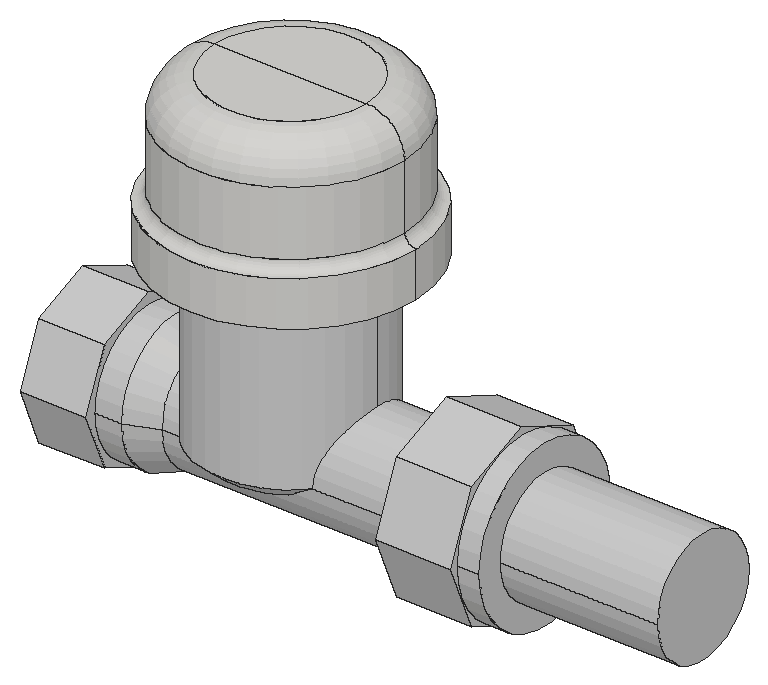
Revit family "PA_Арматура трубопроводов [клапан термостатический прямой, VT.032.N]1 - VALTEC", category Арматура трубопроводов, Revit 2018
Family settings
  Размер круглого соединителя = Использовать диаметр
  Тип детали = Вставляется
  На основе рабочей плоскости = Нет
  Всегда вертикально = Да
  При загрузке вырезать с полостями = Нет
  Общий = Нет
Parameters (values of type "VT.032.N")
  Таблица 2 = "PA_Арматура трубопроводов [клапан термостатический прямой, VT.032.N] - VALTEC - Таблица 2"  # constant formula
  Таблица 1 = "PA_Арматура трубопроводов [клапан термостатический прямой, VT.032.N] - VALTEC - Таблица 1"  # constant formula
  Изготовитель = "VALTEC"  # constant formula
  Головка термостатическая [instance] = Колпачок : Колпачок
  d8 [instance] = size_lookup(Таблица 1, "d8", 0 mm, d)  # 24.3 mm
  d7 [instance] = size_lookup(Таблица 1, "d7", 0 mm, d)  # 23 mm
  a9 [instance] = size_lookup(Таблица 1, "a9", 0 mm, d)  # 3 mm
  a8 [instance] = size_lookup(Таблица 1, "a8", 0 mm, d)  # 10 mm
  a7 [instance] = size_lookup(Таблица 1, "a7", 0 mm, d)  # 0.9 mm
  a6 [instance] = size_lookup(Таблица 1, "a6", 0 mm, d)  # 1.4 mm
  a5 [instance] = size_lookup(Таблица 1, "a5", 0 mm, d)  # 18.3 mm
  a10 [instance] = size_lookup(Таблица 1, "a10", 0 mm, d)  # 7.5 mm
  MM_Геометрия [instance] = if(Головка термостатическая = [1!!!НЕ ИЗМЕНЯТЬ!!!], MM_1!!!НЕ ИЗМЕНЯТЬ!!!, if(Головка термостатическая = [2!!!НЕ ИЗМЕНЯТЬ!!!], MM_2!!!НЕ ИЗМЕНЯТЬ!!!, if(Головка термостатическая = [3!!!НЕ ИЗМЕНЯТЬ!!!], MM_3!!!НЕ ИЗМЕНЯТЬ!!!, if(Головка термостатическая = [4!!!НЕ ИЗМЕНЯТЬ!!!], MM_4!!!НЕ ИЗМЕНЯТЬ!!!, if(Головка термостатическая = [5!!!НЕ ИЗМЕНЯТЬ!!!], MM_4!!!НЕ ИЗМЕНЯТЬ!!!, if(Головка термостатическая = [6!!!НЕ ИЗМЕНЯТЬ!!!], MM_5!!!НЕ ИЗМЕНЯТЬ!!!, if(Головка термостатическая = [7!!!НЕ ИЗМЕНЯТЬ!!!], MM_6!!!НЕ ИЗМЕНЯТЬ!!!, if(Головка термостатическая = [8!!!НЕ ИЗМЕНЯТЬ!!!], MM_6!!!НЕ ИЗМЕНЯТЬ!!!, if(Головка термостатическая = [9!!!НЕ ИЗМЕНЯТЬ!!!], MM_6!!!НЕ ИЗМЕНЯТЬ!!!, if(Головка термостатическая = [10!!!НЕ ИЗМЕНЯТЬ!!!], MM_6!!!НЕ ИЗМЕНЯТЬ!!!, if(Головка термостатическая = [11!!!НЕ ИЗМЕНЯТЬ!!!], MM_7!!!НЕ ИЗМЕНЯТЬ!!!, if(Головка термостатическая = [12!!!НЕ ИЗМЕНЯТЬ!!!], MM_7!!!НЕ ИЗМЕНЯТЬ!!!, if(Головка термостатическая = [13!!!НЕ ИЗМЕНЯТЬ!!!], MM_7!!!НЕ ИЗМЕНЯТЬ!!!, MM_8!!!НЕ ИЗМЕНЯТЬ!!!)))))))))))))  # MM_Обобщенные модели [колпачок, VT.031.N] - VALTEC : VT.TE3042.0
  MM_8!!!НЕ ИЗМЕНЯТЬ!!! = MM_Обобщенные модели [колпачок, VT.031.N] - VALTEC : VT.TE3042.0
  MM_7!!!НЕ ИЗМЕНЯТЬ!!! = MM_Обобщенные модели [сервопривод электрический, VT.TE3042] - VALTEC : VT.TE3042.0
  MM_6!!!НЕ ИЗМЕНЯТЬ!!! = MM_Обобщенные модели [сервопривод электрический, VT.TE3040] - VALTEC : VT.TE3040
  MM_5!!!НЕ ИЗМЕНЯТЬ!!! = MM_Обобщенные модели [cервопривод EQUICALOR, VT.AS1000] - VALTEC : VT.AS1000
  MM_4!!!НЕ ИЗМЕНЯТЬ!!! = MM_Обобщенные модели [головка термостатическая жидкостная, VT.5000.0] - VALTEC : VT.5000.0 - VT.5010.0
  MM_3!!!НЕ ИЗМЕНЯТЬ!!! = MM_Обобщенные модели [головка термостатическая жидкостная, VT.3000.0] - VALTEC : VT.3000.0
  MM_2!!!НЕ ИЗМЕНЯТЬ!!! = MM_Обобщенные модели [головка термостатическая жидкостная, VT.1500.0] - VALTEC : VT.1500.0
  MM_1!!!НЕ ИЗМЕНЯТЬ!!! = MM_Обобщенные модели [головка термостатическая твердотельная, VT.1000.0] - VALTEC : VT.1000.0
  ME_Информация [instance] = if(Головка термостатическая = [1!!!НЕ ИЗМЕНЯТЬ!!!], ME_1!!!НЕ ИЗМЕНЯТЬ!!!, if(Головка термостатическая = [2!!!НЕ ИЗМЕНЯТЬ!!!], ME_2!!!НЕ ИЗМЕНЯТЬ!!!, if(Головка термостатическая = [3!!!НЕ ИЗМЕНЯТЬ!!!], ME_3!!!НЕ ИЗМЕНЯТЬ!!!, if(Головка термостатическая = [4!!!НЕ ИЗМЕНЯТЬ!!!], ME_4!!!НЕ ИЗМЕНЯТЬ!!!, if(Головка термостатическая = [5!!!НЕ ИЗМЕНЯТЬ!!!], ME_5!!!НЕ ИЗМЕНЯТЬ!!!, if(Головка термостатическая = [6!!!НЕ ИЗМЕНЯТЬ!!!], ME_6!!!НЕ ИЗМЕНЯТЬ!!!, if(Головка термостатическая = [7!!!НЕ ИЗМЕНЯТЬ!!!], ME_7!!!НЕ ИЗМЕНЯТЬ!!!, if(Головка термостатическая = [8!!!НЕ ИЗМЕНЯТЬ!!!], ME_8!!!НЕ ИЗМЕНЯТЬ!!!, if(Головка термостатическая = [9!!!НЕ ИЗМЕНЯТЬ!!!], ME_9!!!НЕ ИЗМЕНЯТЬ!!!, if(Головка термостатическая = [10!!!НЕ ИЗМЕНЯТЬ!!!], ME_10!!!НЕ ИЗМЕНЯТЬ!!!, if(Головка термостатическая = [11!!!НЕ ИЗМЕНЯТЬ!!!], ME_11!!!НЕ ИЗМЕНЯТЬ!!!, if(Головка термостатическая = [12!!!НЕ ИЗМЕНЯТЬ!!!], ME_12!!!НЕ ИЗМЕНЯТЬ!!!, if(Головка термостатическая = [13!!!НЕ ИЗМЕНЯТЬ!!!], ME_13!!!НЕ ИЗМЕНЯТЬ!!!, ME_14!!!НЕ ИЗМЕНЯТЬ!!!)))))))))))))  # ME_Оборудование [колпачек] - VALTEC : ME_Оборудование [колпачек] - VALTEC
  ME_9!!!НЕ ИЗМЕНЯТЬ!!! = ME_Оборудование [сервопривод электрический, VT.TE3041.0.024] - VALTEC : ME_Оборудование [сервопривод электрический, VT.TE3041.0.024] - VALTEC
  ME_8!!!НЕ ИЗМЕНЯТЬ!!! = ME_Оборудование [сервопривод электрический, VT.TE3040.A.220] - VALTEC : ME_Оборудование [сервопривод электрический, VT.TE3040.A.220] - VALTEC
  ME_7!!!НЕ ИЗМЕНЯТЬ!!! = ME_Оборудование [сервопривод электрический, VT.TE3040.0.220] - VALTEC : ME_Оборудование [сервопривод электрический, VT.TE3040.0.220] - VALTEC
  ME_6!!!НЕ ИЗМЕНЯТЬ!!! = ME_Оборудование [cервопривод EQUICALOR, VT.AS1000] - VALTEC : ME_Оборудование [cервопривод EQUICALOR, VT.AS1000] - VALTEC
  ME_5!!!НЕ ИЗМЕНЯТЬ!!! = ME_Оборудование [головка термостатическая жидкостная, VT.5010.0] - VALTEC : ME_Оборудование [головка термостатическая жидкостная, VT.5010.0] - VALTEC
  ME_4!!!НЕ ИЗМЕНЯТЬ!!! = ME_Оборудование [головка термостатическая жидкостная, VT.5000.0] - VALTEC : ME_Оборудование [головка термостатическая жидкостная, VT.5000.0] - VALTEC
  ME_3!!!НЕ ИЗМЕНЯТЬ!!! = ME_Оборудование [головка термостатическая жидкостная, VT.3000.0] - VALTEC : ME_Оборудование [головка термостатическая жидкостная, VT.3000.0] - VALTEC
  ME_2!!!НЕ ИЗМЕНЯТЬ!!! = ME_Оборудование [головка термостатическая жидкостная, VT.1500.0] - VALTEC : ME_Оборудование [головка термостатическая жидкостная, VT.1500.0] - VALTEC
  ME_14!!!НЕ ИЗМЕНЯТЬ!!! = ME_Оборудование [колпачек] - VALTEC : ME_Оборудование [колпачек] - VALTEC
  ME_13!!!НЕ ИЗМЕНЯТЬ!!! = ME_Оборудование [сервопривод электрический, VT.TE3042.A.220] - VALTEC : ME_Оборудование [сервопривод электрический, VT.TE3042.A.220] - VALTEC
  ME_12!!!НЕ ИЗМЕНЯТЬ!!! = ME_Оборудование [сервопривод электрический, VT.TE3042.0.220] - VALTEC : ME_Оборудование [сервопривод электрический, VT.TE3042.0.220] - VALTEC
  ME_11!!!НЕ ИЗМЕНЯТЬ!!! = ME_Оборудование [сервопривод электрический, VT.TE3042.0.024] - VALTEC : ME_Оборудование [сервопривод электрический, VT.TE3042.0.024] - VALTEC
  ME_10!!!НЕ ИЗМЕНЯТЬ!!! = ME_Оборудование [сервопривод электрический, VT.TE3041.A.024] - VALTEC : ME_Оборудование [сервопривод электрический, VT.TE3041.A.024] - VALTEC
  ME_1!!!НЕ ИЗМЕНЯТЬ!!! = ME_Оборудование [головка термостатическая твердотельная, VT.1000.0] - VALTEC : ME_Оборудование [головка термостатическая твердотельная, VT.1000.0] - VALTEC
  B [instance] = size_lookup(Таблица 1, "B", 0 mm, d)  # 43.6 mm
  b2 [instance] = size_lookup(Таблица 1, "b2", 0 mm, d)  # 2.1 mm
  d6 [instance] = size_lookup(Таблица 1, "d6", 0 mm, d)  # 21.7 mm
  d5 [instance] = size_lookup(Таблица 1, "d5", 0 mm, d)  # 23.5 mm
  d4 [instance] = size_lookup(Таблица 1, "d4", 0 mm, d)  # 17.2 mm
  d3 [instance] = size_lookup(Таблица 1, "d3", 0 mm, d)  # 14.9 mm
  d2 [instance] = size_lookup(Таблица 1, "d2", 0 mm, d)  # 18 mm
  d1 [instance] = size_lookup(Таблица 1, "d1", 0 mm, d)  # 20.7 mm
  d [instance] = 15 mm
  b1 [instance] = size_lookup(Таблица 1, "b1", 0 mm, d)  # 19.7 mm
  a4 [instance] = size_lookup(Таблица 1, "a4", 0 mm, d)  # 11.1 mm
  a3 [instance] = size_lookup(Таблица 1, "a3", 0 mm, d)  # 4.1 mm
  a2 [instance] = size_lookup(Таблица 1, "a2", 0 mm, d)  # 3.6 mm
  a1 [instance] = size_lookup(Таблица 1, "a1", 0 mm, d)  # 8.7 mm
  URL = "https://valtec.ru/"
  ADSK_Расход жидкости [instance] = 0.0 L/s
  ADSK_Примечание [instance] = ""
  ADSK_Потеря давления жидкости [instance] = 0.0 Pa
  ADSK_Позиция [instance] = ""
  ADSK_Обозначение [instance] = "VT.032.N"  # constant formula
  ADSK_Наименование [instance] = size_lookup(Таблица 1, "", "Данный типоразмер отсутствует", d)  # "Клапан термостатический прямой 1/2\""
  ADSK_Материал = Сталь, нержавеющая - VALTEC
  ADSK_Масса [instance] = if(d = 15 mm, 0.22, if(d = 20 mm, 0.359, 0))  # 0.22
  ADSK_Марка [instance] = size_lookup(Таблица 2, "", "Данный типоразмер отсутствует", d)  # "VT.032.N.04"
  ADSK_Код изделия [instance] = size_lookup(Таблица 2, "", "Данный типоразмер отсутствует", d)  # "VT.032.N.04"
  ADSK_Завод-изготовитель [instance] = Изготовитель  # "VALTEC"
  ADSK_Единица измерения [instance] = "шт."  # constant formula
  ADSK_URL страницы изделия = "https://valtec.ru/catalog/radiatornaya_armatura/termostaticheskie_klapany_dlya_radiatorov/klapan_termostaticheskij_pryamoj_vt032n.html"
  ADSK_URL документации изделия = "https://valtec.ru/document/technical/VT.031-032-n-nr-ner-0119.pdf"
  A [instance] = size_lookup(Таблица 1, "A", 0 mm, d)  # 82 mm
  9!!!НЕ ИЗМЕНЯТЬ!!! = VT.TE3041.0.024 : VT.TE3041.0.024
  8!!!НЕ ИЗМЕНЯТЬ!!! = VT.TE3040.A.220 : VT.TE3040.A.220
  7!!!НЕ ИЗМЕНЯТЬ!!! = VT.TE3040.0.220 : VT.TE3040.0.220
  6!!!НЕ ИЗМЕНЯТЬ!!! = VT.AS1000 : VT.AS1000
  5!!!НЕ ИЗМЕНЯТЬ!!! = VT.5010.0.0 : VT.5010.0.0
  4!!!НЕ ИЗМЕНЯТЬ!!! = VT.5000.0.0 : VT.5000.0.0
  3!!!НЕ ИЗМЕНЯТЬ!!! = VT.3000.0.0 : VT.3000.0.0
  2!!!НЕ ИЗМЕНЯТЬ!!! = VT.1500.0.0 : VT.1500.0.0
  14!!!НЕ ИЗМЕНЯТЬ!!! = Колпачок : Колпачок
  13!!!НЕ ИЗМЕНЯТЬ!!! = VT.TE3042.A.220 : VT.TE3042.A.220
  12!!!НЕ ИЗМЕНЯТЬ!!! = VT.TE3042.0.220 : VT.TE3042.0.220
  11!!!НЕ ИЗМЕНЯТЬ!!! = VT.TE3042.0.024 : VT.TE3042.0.024
  10!!!НЕ ИЗМЕНЯТЬ!!! = VT.TE3041.A.024 : VT.TE3041.A.024
  1!!!НЕ ИЗМЕНЯТЬ!!! = VT.1000.0.0 : VT.1000.0.0
Reference planes
  plane 1 "По центру (Вперед/Назад)": y = 0
  plane 2: z = 0
  plane 3 "По центру (Влево/Вправо)": x = 0
  plane 4: x = -27.5
  plane 5: x = -18.8
  plane 6: x = -15.2
  plane 7: x = -11.1
  plane 8: x = 18.3
  plane 9: x = 19.7
  plane 10: x = 20.6
  plane 11: x = 30.6
  plane 12: x = 33.6
  plane 13: x = 41.1
  plane 14: z = 43.6
  plane 15: z = 19.7
  plane 16: z = 21.8
  plane 17: x = 54.5
  plane 18: x = -11.5
  plane 19: x = 11.5
Forms (mm)
  Extrusion 1, solid, material "Сталь, нержавеющая - VALTEC" <- "ADSK_Материал", detail levels medium+fine
    sketch origin (0, 0, 0) x (0, 1, 0) y (0, 0, 1)
      loop
        circle (0, 0) r 9
    from -18.8 to -15.2
  Extrusion 2, solid, material "Сталь, нержавеющая - VALTEC" <- "ADSK_Материал", detail levels medium+fine
    sketch origin (0, 0, 0) x (0, 1, 0) y (0, 0, 1)
      loop
        circle (0, 0) r 7.45
    from -11.1 to 18.3
  Blend 3, solid, material "Сталь, нержавеющая - VALTEC" <- "ADSK_Материал", detail levels medium+fine
    base sketch origin (0, 0, 0) x (0, 1, 0) y (0, 0, 1)
      loop
        circle (0, 0) r 9
    top sketch origin (0, 0, 0) x (0, 1, 0) y (0, 0, 1)
      loop
        circle (0, 0) r 7.45
    from -15.2 to -11.1
  Extrusion 4, solid, material "Сталь, нержавеющая - VALTEC" <- "ADSK_Материал", detail levels medium+fine
    sketch origin (0, 0, 0) x (0, 1, 0) y (0, 0, 1)
      loop
        circle (0, 0) r 8.6
    from 20.6 to 19.7
  Blend 5, solid, material "Сталь, нержавеющая - VALTEC" <- "ADSK_Материал", detail levels medium+fine
    base sketch origin (0, 0, 0) x (0, 1, 0) y (0, 0, 1)
      loop
        circle (0, 0) r 7.45
    top sketch origin (0, 0, 0) x (0, 1, 0) y (0, 0, 1)
      loop
        circle (0, 0) r 8.6
    from 18.3 to 19.7
  Extrusion 6, solid, material "Сталь, нержавеющая - VALTEC" <- "ADSK_Материал", detail levels medium+fine
    sketch origin (0, 0, 0) x (0, 1, 0) y (0, 0, 1)
      loop
        circle (0, 0) r 10.85
    from 30.6 to 33.6
  Extrusion 7, solid, material "Сталь, нержавеющая - VALTEC" <- "ADSK_Материал", detail levels medium+fine
    sketch origin (0, 0, 0) x (0, 1, 0) y (0, 0, 1)
      loop
        circle (0, 0) r 7.5
    from 33.6 to 54.5
  Extrusion 8, solid, material "Сталь, нержавеющая - VALTEC" <- "ADSK_Материал", detail levels medium+fine
    sketch origin (0, 0, 0) x (1, 0, 0) y (0, 1, 0)
      loop
        circle (0, 0) r 11.5
    from 0 to 19.7
  Blend 9, solid, material "Сталь, нержавеющая - VALTEC" <- "ADSK_Материал", detail levels medium+fine
    base sketch origin (0, 0, 0) x (1, 0, 0) y (0, 1, 0)
      loop
        circle (0, 0) r 11.5
    top sketch origin (0, 0, 0) x (1, 0, 0) y (0, 1, 0)
      loop
        circle (0, 0) r 12.15
    from 19.7 to 21.8
  Revolve 10, solid, material "Сталь, нержавеющая - VALTEC" <- "ADSK_Материал", detail levels medium+fine
    sketch origin (0, 0, 0) x (1, 0, 0) y (0, 0, 1)
      loop
        line (0, 0) -> (-11.5, 0)
        arc (-11.5, 0) -> (-6.191, -3.515) -> (0, -5) r 18.311
        line (0, -5) -> (0, 0)
      axis (0, 0) -> (0, -5)
    angle from 0 to 360
Cuts and joins
  joined: Extrusion 1, Extrusion 2, Blend 3, Extrusion 4, Blend 5, Extrusion 6, Extrusion 7, Extrusion 8, Blend 9, Revolve 10
Lines and regions (mm)
  reference lines
    curve 1: line (-27.5, 0, 0) -> (41.1, 0, 0)
  symbolic lines, detail levels coarse
    curve 2: line (-27.5, 0, -15) -> (-27.5, 0, 15)
    curve 3: line (27.5, 0, -15) -> (27.5, 0, 15)
    curve 4: line (-27.5, 0, 15) -> (27.5, 0, -15)
    curve 5: line (27.5, 0, 15) -> (-27.5, 0, -15)
    curve 6: line (0, 0, 0) -> (0, 0, 43.6)
    curve 7: line (0, 0, 0) -> (-10, 0, 17.321)
    curve 8: line (0, 0, 0) -> (10, 0, 17.321)
    curve 9: line (27.5, 0, 0) -> (41.1, 0, 0)
  model lines, detail levels coarse
    curve 10: line (-27.5, 15, 0) -> (-27.5, -15, 0)
    curve 11: line (27.5, 15, 0) -> (27.5, -15, 0)
    curve 12: line (-27.5, -15, 0) -> (27.5, 15, 0)
    curve 13: line (27.5, -15, 0) -> (-27.5, 15, 0)
    curve 14: line (0, 0, 0) -> (0, 43.6, 0)
    curve 15: line (0, 0, 0) -> (-10, 17.321, 0)
    curve 16: line (0, 0, 0) -> (10, 17.321, 0)
    curve 17: line (27.5, 0, 0) -> (41.1, 0, 0)
Dimensions and locks
  "a1": plane 5 to plane 4
  "a2": plane 6 to plane 5
  "a3": plane 7 to plane 6
  "a4": plane 3 "По центру (Влево/Вправо)" to plane 7
  "a5": plane 8 to plane 3 "По центру (Влево/Вправо)"
  "a6": plane 9 to plane 8
  "a7": plane 10 to plane 9
  "a8": plane 11 to plane 10
  "a9": plane 12 to plane 11
  "a10": plane 13 to plane 12
  "B": plane 14 to plane 2
  "b1": plane 15 to plane 2
  "b2": plane 16 to plane 15
  "A": plane 17 to plane 4
  equal spacing: plane 19, plane 3 "По центру (Влево/Вправо)", plane 18
  "d7": plane 19 to plane 18
  equal spacing: curve 3, plane 3 "По центру (Влево/Вправо)", curve 2
  equal spacing: curve 10, plane 3 "По центру (Влево/Вправо)", curve 11
  "d2": diameter of Extrusion 1 sketch curve
  "d3": diameter of Extrusion 2 sketch curve
  "d2": diameter of Blend 3 sketch curve
  "d3": diameter of Blend 3 sketch curve
  "d4": diameter of Extrusion 4 sketch curve
  "d3": diameter of Blend 5 sketch curve
  "d4": diameter of Blend 5 sketch curve
  "d6": diameter of Extrusion 6 sketch curve
  "d": diameter of Extrusion 7 sketch curve
  "d7": diameter of Extrusion 8 sketch curve
  "d7": diameter of Blend 9 sketch curve
  "d8": diameter of Blend 9 sketch curve
  aligned and locked: level to plane 2
  aligned and locked: plane 1 "По центру (Вперед/Назад)" to nested 1
  aligned and locked: plane 1 "По центру (Вперед/Назад)" to nested 2
  aligned and locked: nested 1 to plane 4
  aligned and locked: level to Extrusion 1 sketch curve
  aligned and locked: plane 1 "По центру (Вперед/Назад)" to Extrusion 1 sketch curve
  aligned and locked: level to Extrusion 2 sketch curve
  aligned and locked: plane 1 "По центру (Вперед/Назад)" to Extrusion 2 sketch curve
  aligned and locked: level to Blend 3 sketch curve  (x2)
  aligned and locked: plane 1 "По центру (Вперед/Назад)" to Blend 3 sketch curve  (x2)
  aligned and locked: level to Extrusion 4 sketch curve
  aligned and locked: plane 1 "По центру (Вперед/Назад)" to Extrusion 4 sketch curve
  aligned and locked: level to Blend 5 sketch curve
  aligned and locked: plane 1 "По центру (Вперед/Назад)" to Blend 5 sketch curve
  aligned and locked: level to Extrusion 6 sketch curve
  aligned and locked: plane 1 "По центру (Вперед/Назад)" to Extrusion 6 sketch curve
  aligned and locked: plane 1 "По центру (Вперед/Назад)" to Extrusion 7 sketch curve
  aligned and locked: level to Extrusion 7 sketch curve
  aligned and locked: plane 1 "По центру (Вперед/Назад)" to Extrusion 8 sketch curve
  aligned and locked: plane 3 "По центру (Влево/Вправо)" to Extrusion 8 sketch curve
  aligned and locked: plane 3 "По центру (Влево/Вправо)" to Blend 9 sketch curve  (x2)
  aligned and locked: plane 1 "По центру (Вперед/Назад)" to Blend 9 sketch curve  (x2)
  aligned and locked: Extrusion 1 to plane 5
  aligned and locked: plane 6 to Extrusion 1
  aligned and locked: Blend 3 to plane 6
  aligned and locked: plane 7 to Blend 3
  aligned and locked: Extrusion 2 to plane 7
  aligned and locked: plane 8 to Extrusion 2
  aligned and locked: Blend 5 to plane 8
  aligned and locked: plane 9 to Blend 5
  aligned and locked: plane 9 to Extrusion 4
  aligned and locked: plane 10 to Extrusion 4
  aligned and locked: nested 2 to plane 10
  aligned and locked: Extrusion 6 to plane 11
  aligned and locked: plane 12 to Extrusion 6
  aligned and locked: Extrusion 7 to plane 12
  aligned and locked: Extrusion 8 to level
  aligned and locked: Extrusion 8 to plane 15
  aligned and locked: plane 15 to Blend 9
  aligned and locked: Blend 9 to plane 16
  aligned and locked: plane 17 to Extrusion 7
  aligned and locked: plane 13 to curve 1
  aligned and locked: plane 4 to curve 1
  aligned and locked: curve 1 to level
  aligned and locked: Revolve 10 sketch curve to plane 3 "По центру (Влево/Вправо)"  (x2)
  aligned and locked: plane 18 to Revolve 10 sketch curve
  aligned and locked: plane 3 "По центру (Влево/Вправо)" to curve 6
  aligned and locked: plane 13 to curve 9
  aligned and locked: curve 9 to level
  aligned and locked: plane 14 to curve 6
  aligned and locked: plane 4 to curve 2
  aligned and locked: plane 13 to curve 17
  aligned and locked: plane 1 "По центру (Вперед/Назад)" to curve 17
  aligned and locked: plane 1 "По центру (Вперед/Назад)" to nested 4
  aligned and locked: nested 4 to plane 3 "По центру (Влево/Вправо)"
  aligned and locked: nested 3 to plane 1 "По центру (Вперед/Назад)"
  aligned and locked: plane 3 "По центру (Влево/Вправо)" to nested 3
  aligned and locked: plane 16 to nested 3
Automatic sketch dimensions
  curve 7 to level = 0 mm
  curve 7 to plane 3 "По центру (Влево/Вправо)" = 0 mm
  curve 8 to level = 0 mm
  curve 6 to level = 0 mm
  curve 2 to level = 15 mm
  curve 4 to level = 15 mm
  plane 7 to curve 7 = 1.1 mm
  plane 15 to curve 8 = 2.379 mm
  curve 8 to plane 8 = 8.3 mm
  plane 15 to curve 7 = 2.379 mm
  Blend 5 sketch curve to level = 0 mm
  Blend 5 sketch curve to plane 1 "По центру (Вперед/Назад)" = 0 mm
  Revolve 10 sketch curve to level = 0 mm
  plane 3 "По центру (Влево/Вправо)" to Revolve 10 sketch curve = 1.11 mm
  Revolve 10 sketch curve to level = 5 mm
  Revolve 10 sketch curve to Revolve 10 sketch curve = 2209.315 mm
  Revolve 10 sketch curve to plane 14 = 2170.715 mm
  curve 14 to plane 3 "По центру (Влево/Вправо)" = 0 mm
  plane 1 "По центру (Вперед/Назад)" to curve 15 = 0 mm
  curve 15 to plane 3 "По центру (Влево/Вправо)" = 0 mm
  plane 1 "По центру (Вперед/Назад)" to curve 16 = 0 mm
  curve 13 to curve 17 = 15 mm
  plane 1 "По центру (Вперед/Назад)" to curve 12 = 15 mm
  curve 13 to plane 1 "По центру (Вперед/Назад)" = 15 mm
  plane 7 to curve 15 = 1.1 mm
  curve 16 to plane 8 = 8.3 mm
  curve 16 to plane 1 "По центру (Вперед/Назад)" = 17.321 mm
  curve 15 to plane 1 "По центру (Вперед/Назад)" = 17.321 mm
  curve 16 to curve 14 = 26.279 mm
  curve 10 to plane 4 = 0 mm
Nested families
  nested 1: "Гайка - горизонталь" at (-23.15, 0, 0), ADSK_Материал <- "ADSK_Материал", d3 <- "d1", B <- "a1", type "Гайка - горизонталь", detail levels medium+fine
    with hr 19.124 mm, d3 20.7 mm, B 8.7 mm, ADSK_Материал Сталь, нержавеющая - VALTEC
  nested 2: "Гайка - горизонталь" at (25.6, 0, 0), ADSK_Материал <- "ADSK_Материал", d3 <- "d5", B <- "a8", type "Гайка - горизонталь", detail levels medium+fine
    with hr 21.711 mm, d3 23.5 mm, B 10 mm, ADSK_Материал Сталь, нержавеющая - VALTEC
  nested 3: "MM_Обобщенные модели [колпачок, VT.031.N] - VALTEC" at (0, 0, 21.8), type <- "MM_Геометрия", type "VT.TE3042.0", detail levels medium+fine
  nested 4: "ME_Оборудование [колпачек] - VALTEC" at (0, 0, 0), type <- "ME_Информация", type "ME_Оборудование [колпачек] - VALTEC", detail levels medium
    with ADSK_Примечание "", ADSK_Позиция "", ADSK_Обозначение "VT.3000.0", ADSK_Наименование "Головка термостатическая жидкостная", ADSK_Масса 0, ADSK_Код изделия "VT.3000.0.0", ADSK_Завод-изготовитель "VALTEC", ADSK_Единица измерения "шт."
Connectors
  piping at (-27.5, 0, 0), diameter 15, driven by "d", driven by "ADSK_Расход жидкости", driven by "ADSK_Потеря давления жидкости"
    settings: on curve 1, index 1, connector inside diameter 609.6 mm, connector length 0 mm, flow factor 0, pipe flow 0.0 L/s, pressure drop 0.0 Pa, fitting loss kfactor 0, connector angle 0.00°, fixture units 0, engagement length 0 mm, angle of deflection 0.00°, flow configuration 0, flow direction 1, fitting loss method 4, system type 7, joint type 0, gender type 0, connector reference index 2, connector utility 0, adjustable connector no, is connector primary yes, connector description ""
  piping at (41.1, 0, 0), diameter 15, driven by "d", driven by "ADSK_Расход жидкости"
    settings: on curve 1, index 2, connector inside diameter 609.6 mm, connector length 0 mm, flow factor 0, pipe flow 0.0 L/s, pressure drop 0.0 Pa, fitting loss kfactor 0, connector angle 0.00°, fixture units 0, engagement length 0 mm, angle of deflection 0.00°, flow configuration 0, flow direction 2, fitting loss method 0, system type 7, joint type 0, gender type 0, connector reference index 1, connector utility 0, adjustable connector no, is connector primary no, connector description ""
Definition of nested family "Гайка - горизонталь"
  Parameters (values of type "Гайка - горизонталь")
    hr [instance] = d3 / 2 * cos(180.00° / 8) * 2  # 588.881 mm
    d3 [instance] = 637.4 mm
    B [instance] = 637.4 mm
    ADSK_Материал [instance] = none
  Reference planes
    plane 1 "По центру (Вперед/Назад)": y = 0
    plane 2: z = 0
    plane 3 "По центру (Влево/Вправо)": x = 0
    plane 4: y = 318.7
    plane 5: y = -318.7
    plane 6: through (0, -912.519, 2972.425) normal (0, -0.9239, -0.3827)
    plane 7: through (0, -1234.338, 2979.956) normal (0, -0.9239, -0.3827)
    plane 8: through (0, -1556.157, 2987.486) normal (0, -0.9239, -0.3827)
    plane 9: through (0, 1234.338, 2979.956) normal (0, -0.9239, 0.3827)
    plane 10: through (0, -2420.114, 1321.144) normal (0, -0.3827, -0.9239)
    plane 11: through (0, -2532.792, 1049.117) normal (0, -0.3827, -0.9239)
    plane 12: through (0, -2645.469, 777.089) normal (0, -0.3827, -0.9239)
    plane 13: through (0, 2420.114, 1321.144) normal (0, -0.3827, 0.9239)
    plane 14: through (0, 2532.792, 1049.117) normal (0, -0.3827, 0.9239)
    plane 15: through (0, 2645.469, 777.089) normal (0, -0.3827, 0.9239)
    plane 16: through (0, 912.519, 2972.425) normal (0, -0.9239, 0.3827)
    plane 17: through (0, 1234.338, 2979.956) normal (0, -0.9239, 0.3827)
    plane 18: through (0, 1556.157, 2987.486) normal (0, -0.9239, 0.3827)
    plane 19: x = 318.7
    plane 20: x = -318.7
  Forms (mm)
    Extrusion 1, solid, material <- "ADSK_Материал"
      sketch origin (0, 0, 0) x (0, 1, 0) y (0, 0, 1)
        loop
          line (0, 318.7) -> (-225.355, 225.355) -> (-318.7, 0) -> (-225.355, -225.355) -> (0, -318.7) -> (225.355, -225.355) -> (318.7, 0) -> (225.355, 225.355) -> (0, 318.7)
      from -318.7 to 318.7
  Dimensions and locks
    equal spacing: plane 4, plane 1 "По центру (Вперед/Назад)", plane 5
    "d3": plane 4 to plane 5
    equal spacing: plane 8, plane 7, plane 6
    "hr": plane 8 to plane 6
    equal spacing: plane 12, plane 11, plane 10
    "hr": plane 12 to plane 10
    equal spacing: plane 15, plane 14, plane 13
    "hr": plane 15 to plane 13
    equal spacing: plane 18, plane 17, plane 16
    "hr": plane 18 to plane 16
    equal spacing: plane 20, plane 3 "По центру (Влево/Вправо)", plane 19
    "B": plane 20 to plane 19
    aligned and locked: level to plane 2
    aligned and locked: plane 10 to Extrusion 1 sketch curve
    aligned and locked: plane 13 to Extrusion 1 sketch curve
    aligned and locked: plane 16 to Extrusion 1 sketch curve
    aligned and locked: Extrusion 1 sketch curve to plane 8
    aligned and locked: Extrusion 1 sketch curve to plane 12
    aligned and locked: Extrusion 1 sketch curve to plane 15
    aligned and locked: Extrusion 1 sketch curve to plane 18
    aligned and locked: plane 6 to Extrusion 1 sketch curve
    aligned and locked: plane 19 to Extrusion 1
    aligned and locked: plane 20 to Extrusion 1
    aligned and locked: Extrusion 1 to plane 19
Definition of nested family "MM_Обобщенные модели [колпачок, VT.031.N] - VALTEC"
  Parameters (values of type "VT.TE3042.0")
    Manufacturer = ""
    URL = ""
    ADSK_Материал = none
  Reference planes
    plane 1 "По центру (Вперед/Назад)": y = 0
    plane 2: z = 0
    plane 3 "По центру (Влево/Вправо)": x = 0
    plane 4: z = 21
    plane 5: y = 5.5
    plane 6: y = -5.5
    plane 7: x = -16.5
    plane 8: z = 6
    plane 9: x = 16.5
  Forms (mm)
    Revolve 1, solid, material <- "ADSK_Материал"
      sketch origin (0, 0, 0) x (1, 0, 0) y (0, 0, 1)
        loop
          line (0, 0) -> (0, 21) -> (-10.04, 21)
          arc (-10.04, 21) -> (-13.576, 19.536) -> (-15.04, 16) r 5
          line (-15.04, 16) -> (-15.04, 7.46)
          arc (-15.04, 7.46) -> (-15.468, 6.427) -> (-16.5, 6) r 1.46
          line (-16.5, 6) -> (-16.5, 0) -> (0, 0)
        axis (0, 21) -> (0, 0)
      angle from 0 to 360
  Lines and regions (mm)
    reference lines
      curve 1: line (0, 0, 0) -> (0, 0, 25)
      curve 2: line (0, -12.5, 0) -> (0, 12.5, 0)
      curve 3: line (12.5, 0, 0) -> (-12.5, 0, 0)
  Dimensions and locks
    locked: plane 4 to plane 2 at 21
    plane 6 to plane 1 "По центру (Вперед/Назад)" to plane 5 = 5.5 mm locked, 5.5 mm locked
    locked: plane 3 "По центру (Влево/Вправо)" to plane 7 at 16.5
    locked: plane 9 to plane 3 "По центру (Влево/Вправо)" at 16.5
    locked: plane 8 to plane 2 at 6
    aligned and locked: level to plane 2
    aligned and locked: plane 3 "По центру (Влево/Вправо)" to Revolve 1 sketch curve
    aligned and locked: level to Revolve 1 sketch curve
    aligned and locked: plane 8 to Revolve 1 sketch curve
    aligned and locked: Revolve 1 sketch curve to plane 3 "По центру (Влево/Вправо)"
Definition of nested family "ME_Оборудование [колпачек] - VALTEC"
  Parameters (values of type "ME_Оборудование [колпачек] - VALTEC")
    Manufacturer = "VALTEC"  # constant formula
    URL = "https://valtec.ru/"
    D = 10 mm  # constant formula
    ADSK_Примечание [instance] = ""
    ADSK_Позиция [instance] = ""
    ADSK_Обозначение [instance] = "VT.1000.0"
    ADSK_Наименование [instance] = "Головка термостатическая твердотельная "
    ADSK_Материал = none
    ADSK_Масса [instance] = 0
    ADSK_Код изделия [instance] = "VT.1000.0.0"
    ADSK_Завод-изготовитель [instance] = "VALTEC"  # constant formula
    ADSK_Единица измерения [instance] = "шт."  # constant formula
    ADSK_URL страницы изделия = "https://valtec.ru/catalog/elementy_avtomatiki/termogolovki_i_privody/golovka_termostaticheskaya_tverdotelnaya_vt10000.html"
    ADSK_URL документации изделия = "https://valtec.ru/document/technical/VT.1000-0916.pdf"
  Reference planes
    plane 1 "По центру (Вперед/Назад)": y = 0
    plane 2: z = 0
    plane 3 "По центру (Влево/Вправо)": x = 0
  Forms (mm)
    Revolve 1, solid, material <- "ADSK_Материал"
      sketch origin (0, 0, 0) x (1, 0, 0) y (0, 1, 0)
        loop
          line (0, -5) -> (0, 5)
          arc (0, 5) -> (-5, 0) -> (0, -5) r 5
        axis (0, 5) -> (0, -5)
      angle from 0 to 360
  Lines and regions (mm)
    reference lines
      curve 1: line (0, 5, 0) -> (0, -5, 0)
      curve 2: line (-5, 0, 0) -> (5, 0, 0)
      curve 3: line (0, 0, 5) -> (0, 0, -5)
  Dimensions and locks
    equal spacing: curve 1, plane 1 "По центру (Вперед/Назад)", curve 1
    "D": curve 1 to curve 1
    equal spacing: curve 2, plane 3 "По центру (Влево/Вправо)", curve 2
    "D": curve 2 to curve 2
    equal spacing: curve 3, level, curve 3
    "D": curve 3 to curve 3
    "D": diameter of Revolve 1 sketch curve
    aligned and locked: level to plane 2
    aligned and locked: curve 1 to plane 3 "По центру (Влево/Вправо)"
    aligned and locked: Revolve 1 sketch curve to plane 3 "По центру (Влево/Вправо)"  (x2)
    aligned and locked: plane 1 "По центру (Вперед/Назад)" to curve 2
    aligned and locked: curve 3 to plane 3 "По центру (Влево/Вправо)"
  Automatic sketch dimensions
    plane 1 "По центру (Вперед/Назад)" to Revolve 1 sketch curve = 0 mm
    Revolve 1 sketch curve to Revolve 1 sketch curve = 1995 mm  (x2)
